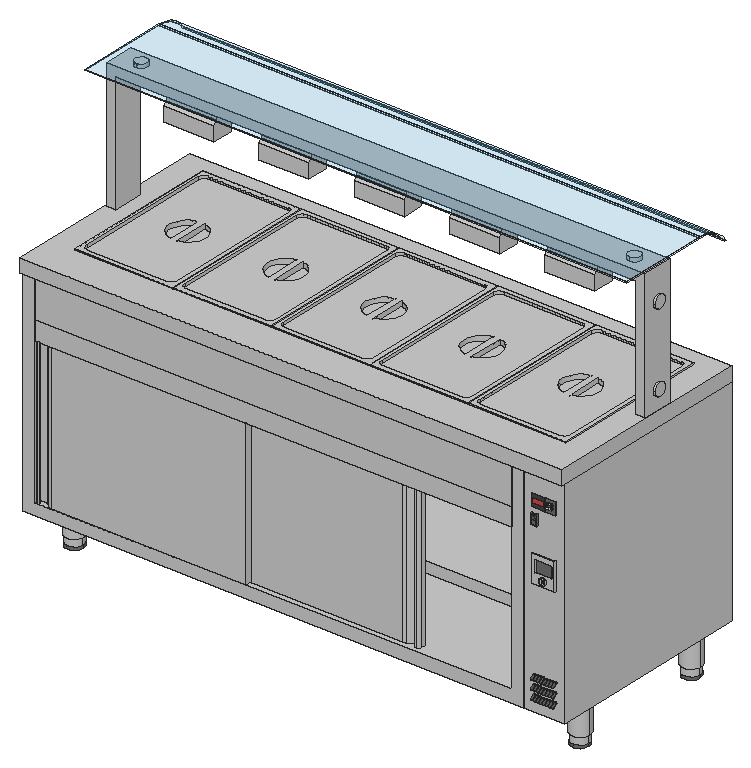
Revit family "QF_INOMAK_MJV718_250606032425", category Specialty Equipment, Revit 2021 (continued)
Definition of nested family "CONN_POINT_COLDWATER_2D___Generic_Annotation"
  Reference planes
    plane 1: y = 0
    plane 2: x = 0
  Lines and regions (mm)
    detail lines, visible <- "Onboard connection annotation symbol visibility"
      curve 1: circle (0, 0, 0) r 0.5 normal (0, 0, 1)
      curve 2: line (-1, 0, 0) -> (1, 0, 0)
      curve 3: line (0, 1, 0) -> (0, -1, 0)
      curve 4: line (3.241, 1, 0) -> (3.717, -1, 0)
      curve 5: line (3.717, -1, 0) -> (4.193, 1, 0)
      curve 6: line (4.193, 1, 0) -> (4.669, -1, 0)
      curve 7: line (4.669, -1, 0) -> (5.145, 1, 0)
      curve 8: arc (2.67, 0.524, 0) -> (2.004, 1, 0) -> (1.337, 0.524, 0) r 0.704
      curve 9: arc (1.337, -0.524, 0) -> (2.004, -1, 0) -> (2.67, -0.524, 0) r 0.704
      curve 10: arc (1.337, 0.524, 0) -> (1.25, 0, 0) -> (1.337, -0.524, 0) r 1.616
Definition of nested family "CONN_POINT_DRAIN_2D___Generic_Annotation"
  Parameters (values of type "CONN_POINT_DRAIN_2D___Generic_Annotation")
    Onboard connection annotation symbol visibility [instance] = yes
  Reference planes
    plane 1: y = 0
    plane 2: x = 0
  Lines and regions (mm)
    detail lines, visible <- "Onboard connection annotation symbol visibility"
      curve 1: circle (0, 0, 0) r 0.5 normal (0, 0, 1)
      curve 2: line (-1, 0, 0) -> (1, 0, 0)
      curve 3: line (0, 1, 0) -> (0, -1, 0)
      curve 4: line (1.776, 1, 0) -> (1.25, 1, 0)
      curve 5: line (1.25, 1, 0) -> (1.25, -1, 0)
      curve 6: line (1.25, -1, 0) -> (1.776, -1, 0)
      curve 7: arc (2.206, -0.862, 0) -> (2.459, -0.589, 0) -> (2.583, -0.238, 0) r 0.918
      curve 8: arc (2.583, 0.238, 0) -> (2.459, 0.589, 0) -> (2.206, 0.862, 0) r 0.918
      curve 9: arc (2.583, -0.238, 0) -> (2.599, 0, 0) -> (2.583, 0.238, 0) r 1.77
      curve 10: arc (2.206, 0.862, 0) -> (2.002, 0.965, 0) -> (1.776, 1, 0) r 0.741
      curve 11: arc (1.776, -1, 0) -> (2.002, -0.965, 0) -> (2.206, -0.862, 0) r 0.741
Definition of nested family "CONN_POINT_ELE_2D___Generic_Annotation"
  Parameters (values of type "CONN_POINT_ELE_2D___Generic_Annotation")
    Onboard connection annotation symbol visibility [instance] = yes
  Reference planes
    plane 1: y = 0
    plane 2: x = 0
  Lines and regions (mm)
    detail lines, visible <- "Onboard connection annotation symbol visibility"
      curve 1: circle (0, 0, 0) r 0.5 normal (0, 0, 1)
      curve 2: line (-1, 0, 0) -> (1, 0, 0)
      curve 3: line (0, 1, 0) -> (0, -1, 0)
      curve 4: line (2.5, 1, 0) -> (1.25, 1, 0)
      curve 5: line (1.25, 1, 0) -> (1.25, -1, 0)
      curve 6: line (1.25, -1, 0) -> (2.5, -1, 0)
      curve 7: line (1.25, 0, 0) -> (2, 0, 0)
